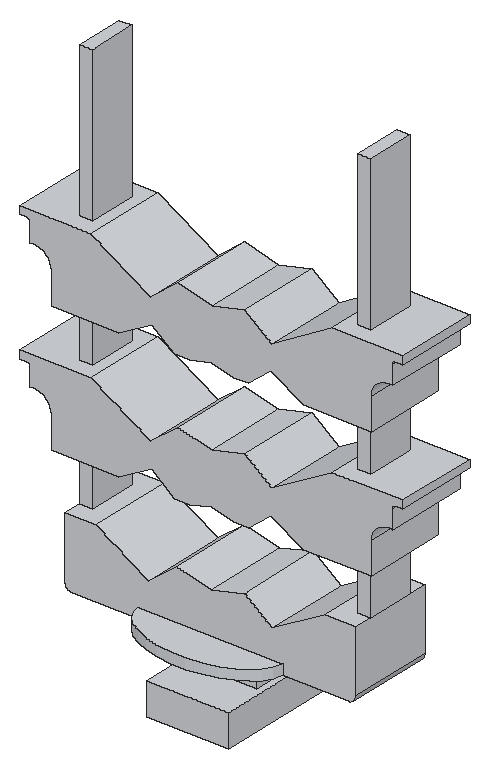
Revit family "550-2122", category Pipe Accessories, Revit 2017
Family settings
  Round Connector Dimension = Use Diameter
  Part Type = Normal
  Work Plane-Based = No
  Always vertical = Yes
  Cut with Voids When Loaded = No
  Shared = No
Parameters
  URL = "WWW.SIOUXCHIEF.COM"
  Spread Distance 2 [instance] = 0.500"
  Spread Distance [instance] = 0.500"
  Model = "550-2122"
  Manufacturer = "SIOUX CHIEF MANUFACTURING, INC."
  Description = "TD+ UNIVERSAL CLAMPS"
Reference planes (in)
  plane 1 "Center (Front/Back)": y = 0
  plane 2: z = 0
  plane 3 "Center (Left/Right)": x = 0
Forms (in)
  Extrusion 1, solid
    sketch origin (0, 0, 0) x (1, 0, 0) y (0, 1, 0)
      loop
        line (-1.4375, 0.24262) -> (-1.4375, -0.24262) -> (-1.3125, -0.24262) -> (-1.3125, 0.24262) -> (-1.4375, 0.24262)
    from 0.679 to 4.75
  Extrusion 2, solid
    sketch origin (0, 0, 0) x (-1, 0, 0) y (0, -1, 0)
      loop
        line (-1.4375, -0.24262) -> (-1.3125, -0.24262) -> (-1.3125, 0.24262) -> (-1.4375, 0.24262) -> (-1.4375, -0.24262)
    from 0.679 to 4.75
  Extrusion 3, solid
    sketch origin (0, 0.39993, 0) x (1, 0, 0) y (0, 0, 1)
      loop
        arc (1.365, 0) -> (1.4162, 0.0212) -> (1.4374, 0.0724) r 0.0724
        line (1.4374, 0.0724) -> (1.4374, 0.679) -> (1.1346, 0.679) -> (0.6041, 0.3762) -> (0.3361, 0.5915) -> (0, 0.50643) -> (-0.3361, 0.5915) -> (-0.6041, 0.3762) -> (-1.1346, 0.679) -> (-1.4374, 0.679) -> (-1.4374, 0.0724)
        arc (-1.4374, 0.0724) -> (-1.4162, 0.0212) -> (-1.365, 0) r 0.0724
        line (-1.365, 0) -> (1.365, 0)
    from -0.02514 to 0.825
  Extrusion 4, solid
    sketch origin (0, -0.25, 0) x (1, 0, 0) y (0, 1, 0)
      loop
        line (-0.341, 0.525) -> (-0.341, -0.025) -> (0.341, -0.025) -> (0.341, 0.525) -> (-0.341, 0.525)
    from 0 to -0.316
  Extrusion 5, solid
    sketch origin (-0.11988, -0.04826, -2.5) x (1, 0, 0) y (0, 1, 0)
      loop
        line (-0.28262, 0.75376) -> (-0.28262, -0.65724) -> (0.52238, -0.65724) -> (0.52238, 0.75376) -> (-0.28262, 0.75376)
    from 1.8653 to 2.184
  Extrusion 6, solid
    sketch origin (0, 0, 0) x (1, 0, 0) y (0, 1, 0)
      loop
        spline (-0.711, -0.42507) -> (-0.68677, -0.52806) -> (-0.61574, -0.62404) -> (-0.50275, -0.70645) -> (-0.3555, -0.76969) -> (-0.18402, -0.80944) -> (0, -0.823) -> (0.18402, -0.80944) -> (0.3555, -0.76969) -> (0.50275, -0.70645) -> (0.61574, -0.62404) -> (0.68677, -0.52806) -> (0.711, -0.42507)
        line (0.711, -0.42507) -> (-0.711, -0.42507)
    from 0 to 0.1
  Extrusion 7, solid
    sketch origin (0, 0, 0) x (1, 0, 0) y (0, 1, 0)
      loop
        line (-0.711, 0.42507) -> (0.711, 0.42507)
        spline (0.711, 0.42507) -> (0.68677, 0.52806) -> (0.61574, 0.62404) -> (0.50275, 0.70645) -> (0.3555, 0.76969) -> (0.18402, 0.80944) -> (0, 0.823) -> (-0.18402, 0.80944) -> (-0.3555, 0.76969) -> (-0.50275, 0.70645) -> (-0.61574, 0.62404) -> (-0.68677, 0.52806) -> (-0.711, 0.42507)
    from 0 to 0.1
  Extrusion 8, solid
    sketch origin (0, 0.25, -0.04989) x (1, 0, 0) y (0, 0, 1)
      loop
        line (-0.00363, 1.28449) -> (0.2179, 1.22889) -> (0.3651, 1.22889) -> (0.5873, 1.41219) -> (0.9151, 1.22889) -> (1.5817, 1.22889) -> (1.5817, 1.54282)
        arc (1.5817, 1.54282) -> (1.64704, 1.67873) -> (1.794, 1.71259) r 0.17403
        line (1.794, 1.71259) -> (1.794, 1.90206)
        arc (1.794, 1.90206) -> (1.80256, 1.92273) -> (1.82323, 1.93129) r 0.02923
        line (1.82323, 1.93129) -> (1.894, 1.93129) -> (1.894, 2.00699) -> (1.1924, 2.00699) -> (0.5952, 1.65979) -> (0.3319, 1.87079) -> (0, 1.78749) -> (-0.3319, 1.87079) -> (-0.5952, 1.65979) -> (-1.1924, 2.00699) -> (-1.894, 2.00699) -> (-1.894, 1.93129) -> (-1.82323, 1.93129)
        arc (-1.82323, 1.93129) -> (-1.80256, 1.92273) -> (-1.794, 1.90206) r 0.02923
        line (-1.794, 1.90206) -> (-1.794, 1.71259)
        arc (-1.794, 1.71259) -> (-1.64704, 1.67873) -> (-1.5817, 1.54282) r 0.17403
        line (-1.5817, 1.54282) -> (-1.5817, 1.22889) -> (-0.9151, 1.22889) -> (-0.5873, 1.41219) -> (-0.3651, 1.22889) -> (-0.2179, 1.22889) -> (0, 1.28357)
    from -0.1625 to 0.6625
  Extrusion 9, solid, not visible
    sketch origin (0, 0, 0) x (1, 0, 0) y (0, 1, 0)
      loop
        line (-1.4375, 0.24262) -> (-1.4375, -0.24262) -> (-1.3125, -0.24262) -> (-1.3125, 0.24262) -> (-1.4375, 0.24262)
    from 0.679 to 4.75
  Extrusion 10, solid, not visible
    sketch origin (0, 0, 0) x (-1, 0, 0) y (0, -1, 0)
      loop
        line (-1.4375, -0.24262) -> (-1.3125, -0.24262) -> (-1.3125, 0.24262) -> (-1.4375, 0.24262) -> (-1.4375, -0.24262)
    from 0.679 to 4.75
  Extrusion 11, solid, not visible
    sketch origin (0, 0.39993, 0) x (1, 0, 0) y (0, 0, 1)
      loop
        arc (1.365, 0) -> (1.4162, 0.0212) -> (1.4374, 0.0724) r 0.0724
        line (1.4374, 0.0724) -> (1.4374, 0.679) -> (1.1346, 0.679) -> (0.6041, 0.3762) -> (0.3361, 0.5915) -> (0, 0.50643) -> (-0.3361, 0.5915) -> (-0.6041, 0.3762) -> (-1.1346, 0.679) -> (-1.4374, 0.679) -> (-1.4374, 0.0724)
        arc (-1.4374, 0.0724) -> (-1.4162, 0.0212) -> (-1.365, 0) r 0.0724
        line (-1.365, 0) -> (1.365, 0)
    from -0.02514 to 0.825
  Extrusion 12, solid, not visible
    sketch origin (0, -0.25, 0) x (1, 0, 0) y (0, 1, 0)
      loop
        line (-0.341, 0.525) -> (-0.341, -0.025) -> (0.341, -0.025) -> (0.341, 0.525) -> (-0.341, 0.525)
    from 0 to -0.316
  Extrusion 13, solid, not visible
    sketch origin (-0.11988, -0.04826, -2.5) x (1, 0, 0) y (0, 1, 0)
      loop
        line (-0.28262, 0.75376) -> (-0.28262, -0.65724) -> (0.52238, -0.65724) -> (0.52238, 0.75376) -> (-0.28262, 0.75376)
    from 1.8653 to 2.184
  Extrusion 14, solid, not visible
    sketch origin (0, 0, 0) x (1, 0, 0) y (0, 1, 0)
      loop
        spline (-0.711, -0.42507) -> (-0.68677, -0.52806) -> (-0.61574, -0.62404) -> (-0.50275, -0.70645) -> (-0.3555, -0.76969) -> (-0.18402, -0.80944) -> (0, -0.823) -> (0.18402, -0.80944) -> (0.3555, -0.76969) -> (0.50275, -0.70645) -> (0.61574, -0.62404) -> (0.68677, -0.52806) -> (0.711, -0.42507)
        line (0.711, -0.42507) -> (-0.711, -0.42507)
    from 0 to 0.1
  Extrusion 15, solid, not visible
    sketch origin (0, 0, 0) x (1, 0, 0) y (0, 1, 0)
      loop
        line (-0.711, 0.42507) -> (0.711, 0.42507)
        spline (0.711, 0.42507) -> (0.68677, 0.52806) -> (0.61574, 0.62404) -> (0.50275, 0.70645) -> (0.3555, 0.76969) -> (0.18402, 0.80944) -> (0, 0.823) -> (-0.18402, 0.80944) -> (-0.3555, 0.76969) -> (-0.50275, 0.70645) -> (-0.61574, 0.62404) -> (-0.68677, 0.52806) -> (-0.711, 0.42507)
    from 0 to 0.1
  Extrusion 16, solid, not visible
    sketch origin (0, 0.25, 0) x (1, 0, 0) y (0, 0, 1)
      loop
        line (-0.00363, 1.28449) -> (0.2179, 1.22889) -> (0.3651, 1.22889) -> (0.5873, 1.41219) -> (0.9151, 1.22889) -> (1.5817, 1.22889) -> (1.5817, 1.54282)
        arc (1.5817, 1.54282) -> (1.64704, 1.67873) -> (1.794, 1.71259) r 0.17403
        line (1.794, 1.71259) -> (1.794, 1.90206)
        arc (1.794, 1.90206) -> (1.80256, 1.92273) -> (1.82323, 1.93129) r 0.02923
        line (1.82323, 1.93129) -> (1.894, 1.93129) -> (1.894, 2.00699) -> (1.1924, 2.00699) -> (0.5952, 1.65979) -> (0.3319, 1.87079) -> (0, 1.78749) -> (-0.3319, 1.87079) -> (-0.5952, 1.65979) -> (-1.1924, 2.00699) -> (-1.894, 2.00699) -> (-1.894, 1.93129) -> (-1.82323, 1.93129)
        arc (-1.82323, 1.93129) -> (-1.80256, 1.92273) -> (-1.794, 1.90206) r 0.02923
        line (-1.794, 1.90206) -> (-1.794, 1.71259)
        arc (-1.794, 1.71259) -> (-1.64704, 1.67873) -> (-1.5817, 1.54282) r 0.17403
        line (-1.5817, 1.54282) -> (-1.5817, 1.22889) -> (-0.9151, 1.22889) -> (-0.5873, 1.41219) -> (-0.3651, 1.22889) -> (-0.2179, 1.22889) -> (0, 1.28357)
    from -0.1625 to 0.6625
  Extrusion 17, solid
    sketch origin (0, 0.25, 1.22821) x (1, 0, 0) y (0, 0, 1)
      loop
        line (-0.00363, 1.28449) -> (0.2179, 1.22889) -> (0.3651, 1.22889) -> (0.5873, 1.41219) -> (0.9151, 1.22889) -> (1.5817, 1.22889) -> (1.5817, 1.54282)
        arc (1.5817, 1.54282) -> (1.64704, 1.67873) -> (1.794, 1.71259) r 0.17403
        line (1.794, 1.71259) -> (1.794, 1.90206)
        arc (1.794, 1.90206) -> (1.80256, 1.92273) -> (1.82323, 1.93129) r 0.02923
        line (1.82323, 1.93129) -> (1.894, 1.93129) -> (1.894, 2.00699) -> (1.1924, 2.00699) -> (0.5952, 1.65979) -> (0.3319, 1.87079) -> (0, 1.78749) -> (-0.3319, 1.87079) -> (-0.5952, 1.65979) -> (-1.1924, 2.00699) -> (-1.894, 2.00699) -> (-1.894, 1.93129) -> (-1.82323, 1.93129)
        arc (-1.82323, 1.93129) -> (-1.80256, 1.92273) -> (-1.794, 1.90206) r 0.02923
        line (-1.794, 1.90206) -> (-1.794, 1.71259)
        arc (-1.794, 1.71259) -> (-1.64704, 1.67873) -> (-1.5817, 1.54282) r 0.17403
        line (-1.5817, 1.54282) -> (-1.5817, 1.22889) -> (-0.9151, 1.22889) -> (-0.5873, 1.41219) -> (-0.3651, 1.22889) -> (-0.2179, 1.22889) -> (0, 1.28357)
    from -0.1625 to 0.6625
Dimensions and locks (in)
  locked: Extrusion 1 sketch curve to Extrusion 1 sketch curve at 0.48523
  locked: Extrusion 1 sketch curve to Extrusion 1 sketch curve at 0.125
  Extrusion 2 sketch curve to Extrusion 2 sketch curve = 0.48523"
  locked: Extrusion 2 sketch curve to Extrusion 2 sketch curve at 0.48523
  locked: Extrusion 2 sketch curve to Extrusion 2 sketch curve at 0.125
  equal spacing: Extrusion 3, plane 1 "Center (Front/Back)", Extrusion 3
  Extrusion 4 sketch curve to Extrusion 4 sketch curve = 0.550"
  Extrusion 4 sketch curve to Extrusion 4 sketch curve = 0.682"
  locked: Extrusion 4 sketch curve to Extrusion 4 sketch curve at 0.682
  locked: Extrusion 4 to Extrusion 4 at 0.55
  equal spacing: Extrusion 4, plane 1 "Center (Front/Back)", Extrusion 4
  locked: Extrusion 1 to level at 4.75
  locked: Extrusion 2 to level at 4.75
  locked: Extrusion 5 to Extrusion 5 at 0.805
  locked: Extrusion 5 to Extrusion 5 at 1.411
  equal spacing: Extrusion 5, plane 1 "Center (Front/Back)", Extrusion 5
  equal spacing: Extrusion 5, plane 3 "Center (Left/Right)", Extrusion 5
  locked: Extrusion 5 to Extrusion 5 at 0.3187
  locked: Extrusion 6 to Extrusion 6 at 0.1
  locked: Extrusion 7 to Extrusion 7 at 0.1
  locked: Extrusion 8 to Extrusion 8 at 0.825
  equal spacing: Extrusion 8, plane 1 "Center (Front/Back)", Extrusion 8
  locked: Extrusion 9 sketch curve to Extrusion 9 sketch curve at 0.48523
  locked: Extrusion 9 sketch curve to Extrusion 9 sketch curve at 0.125
  Extrusion 10 sketch curve to Extrusion 10 sketch curve = 0.48523"
  locked: Extrusion 10 sketch curve to Extrusion 10 sketch curve at 0.48523
  locked: Extrusion 10 sketch curve to Extrusion 10 sketch curve at 0.125
  Extrusion 12 sketch curve to Extrusion 12 sketch curve = 0.550"
  Extrusion 12 sketch curve to Extrusion 12 sketch curve = 0.682"
  locked: Extrusion 12 sketch curve to Extrusion 12 sketch curve at 0.682
  "Spread Distance": Extrusion 8 to Extrusion 3
  locked: Extrusion 17 to Extrusion 17 at 0.825
  Extrusion 17 to Extrusion 17 = 0.825"
  "Spread Distance 2": Extrusion 17 to Extrusion 8
  aligned and locked: plane 2 to level
  aligned and locked: Extrusion 1 to Extrusion 3
  aligned and locked: Extrusion 2 to Extrusion 3
  aligned and locked: Extrusion 5 to Extrusion 4
  aligned and locked: Extrusion 6 to level
  aligned and locked: Extrusion 7 to level
Automatic sketch dimensions
  Extrusion 3 sketch curve to Extrusion 3 sketch curve = 0.268"  (x2)
  Extrusion 3 sketch curve to Extrusion 3 sketch curve = 0.5305"  (x2)
  Extrusion 3 sketch curve to Extrusion 3 sketch curve = 0.2304"  (x2)
  Extrusion 3 sketch curve to Extrusion 3 sketch curve = 0.2153"  (x2)
  Extrusion 3 sketch curve to Extrusion 3 sketch curve = 0.3028"  (x2)
  Extrusion 8 sketch curve to Extrusion 8 sketch curve = 0.1472"  (x2)
  Extrusion 8 sketch curve to Extrusion 8 sketch curve = 0.2222"  (x2)
  Extrusion 8 sketch curve to Extrusion 8 sketch curve = 0.0079"  (x2)
  Extrusion 8 sketch curve to Extrusion 8 sketch curve = 0.3278"  (x2)
  Extrusion 8 sketch curve to Extrusion 8 sketch curve = 0.5972"  (x2)
  Extrusion 8 sketch curve to Extrusion 8 sketch curve = 0.6666"  (x2)
  Extrusion 8 sketch curve to Extrusion 8 sketch curve = 0.17403"  (x2)
  Extrusion 8 sketch curve to Extrusion 8 sketch curve = 0.03827"  (x2)
  Extrusion 8 sketch curve to Extrusion 8 sketch curve = 0.02923"  (x2)
  Extrusion 8 sketch curve to Extrusion 8 sketch curve = 0.07077"  (x2)
  Extrusion 8 sketch curve to Extrusion 8 sketch curve = 0.000"  (x3)
  Extrusion 8 sketch curve to Extrusion 8 sketch curve = 0.1833"  (x2)
  Extrusion 8 sketch curve to Extrusion 8 sketch curve = 0.31393"  (x2)
  Extrusion 8 sketch curve to Extrusion 8 sketch curve = 0.2476"  (x2)
  Extrusion 8 sketch curve to Extrusion 8 sketch curve = 0.5586"
  Extrusion 8 sketch curve to Extrusion 8 sketch curve = 0.211"  (x2)
  Extrusion 8 sketch curve to Extrusion 8 sketch curve = 0.18947"  (x2)
  Extrusion 8 sketch curve to Extrusion 8 sketch curve = 0.46417"  (x2)
  Extrusion 8 sketch curve to Extrusion 8 sketch curve = 0.05469"
  Extrusion 3 sketch curve to Extrusion 3 sketch curve = 0.0724"  (x2)
  Extrusion 3 sketch curve to Extrusion 3 sketch curve = 0.3361"  (x2)
  Extrusion 3 sketch curve to Extrusion 3 sketch curve = 0.3038"  (x2)
  Extrusion 3 sketch curve to Extrusion 3 sketch curve = 0.08507"
  Extrusion 4 sketch curve to Extrusion 4 sketch curve = 0.550"
  Extrusion 5 sketch curve to Extrusion 5 sketch curve = 0.805"
  Extrusion 5 sketch curve to Extrusion 5 sketch curve = 1.411"
  Extrusion 6 sketch curve to Extrusion 6 sketch curve = 1.422"
  Extrusion 7 sketch curve to Extrusion 7 sketch curve = 1.422"
  Extrusion 11 sketch curve to Extrusion 11 sketch curve = 0.268"  (x2)
  Extrusion 11 sketch curve to Extrusion 11 sketch curve = 0.5305"  (x2)
  Extrusion 11 sketch curve to Extrusion 11 sketch curve = 0.2304"  (x2)
  Extrusion 11 sketch curve to Extrusion 11 sketch curve = 0.2153"  (x2)
  Extrusion 11 sketch curve to Extrusion 11 sketch curve = 0.3028"  (x2)
  Extrusion 11 sketch curve to Extrusion 11 sketch curve = 0.0724"  (x2)
  Extrusion 11 sketch curve to Extrusion 11 sketch curve = 0.3361"  (x2)
  Extrusion 11 sketch curve to Extrusion 11 sketch curve = 0.3038"  (x2)
  Extrusion 11 sketch curve to Extrusion 11 sketch curve = 0.08507"
  Extrusion 12 sketch curve to Extrusion 12 sketch curve = 0.550"
  Extrusion 13 sketch curve to Extrusion 13 sketch curve = 0.805"
  Extrusion 13 sketch curve to Extrusion 13 sketch curve = 1.411"
  Extrusion 14 sketch curve to Extrusion 14 sketch curve = 1.422"
  Extrusion 15 sketch curve to Extrusion 15 sketch curve = 1.422"
  Extrusion 8 sketch curve to Extrusion 8 sketch curve = 0.2633"  (x2)
  Extrusion 8 sketch curve to Extrusion 8 sketch curve = 0.3319"
  Extrusion 8 sketch curve to Extrusion 8 sketch curve = 0.4358"
  Extrusion 8 sketch curve to Extrusion 8 sketch curve = 0.21427"
  Extrusion 8 sketch curve to Extrusion 8 sketch curve = 0.00363"
  Extrusion 16 sketch curve to Extrusion 16 sketch curve = 0.1472"  (x2)
  Extrusion 16 sketch curve to Extrusion 16 sketch curve = 0.2222"  (x2)
  Extrusion 16 sketch curve to Extrusion 16 sketch curve = 0.0079"  (x2)
  Extrusion 16 sketch curve to Extrusion 16 sketch curve = 0.3278"  (x2)
  Extrusion 16 sketch curve to Extrusion 16 sketch curve = 0.5972"  (x2)
  Extrusion 16 sketch curve to Extrusion 16 sketch curve = 0.6666"  (x2)
  Extrusion 16 sketch curve to Extrusion 16 sketch curve = 0.17403"  (x2)
  Extrusion 16 sketch curve to Extrusion 16 sketch curve = 0.03827"  (x2)
  Extrusion 16 sketch curve to Extrusion 16 sketch curve = 0.02923"  (x2)
  Extrusion 16 sketch curve to Extrusion 16 sketch curve = 0.07077"  (x2)
  Extrusion 16 sketch curve to Extrusion 16 sketch curve = 0.000"  (x3)
  Extrusion 16 sketch curve to Extrusion 16 sketch curve = 0.1833"  (x2)
  Extrusion 16 sketch curve to Extrusion 16 sketch curve = 0.31393"  (x2)
  Extrusion 16 sketch curve to Extrusion 16 sketch curve = 0.2476"  (x2)
  Extrusion 16 sketch curve to Extrusion 16 sketch curve = 0.5586"
  Extrusion 16 sketch curve to Extrusion 16 sketch curve = 0.211"  (x2)
  Extrusion 16 sketch curve to Extrusion 16 sketch curve = 0.18947"  (x2)
  Extrusion 16 sketch curve to Extrusion 16 sketch curve = 0.46417"  (x2)
  Extrusion 16 sketch curve to Extrusion 16 sketch curve = 0.05469"
  Extrusion 16 sketch curve to Extrusion 16 sketch curve = 0.2633"  (x2)
  Extrusion 16 sketch curve to Extrusion 16 sketch curve = 0.3319"
  Extrusion 16 sketch curve to Extrusion 16 sketch curve = 0.4358"
  Extrusion 16 sketch curve to Extrusion 16 sketch curve = 0.21427"
  Extrusion 16 sketch curve to Extrusion 16 sketch curve = 0.00363"
  Extrusion 17 sketch curve to Extrusion 17 sketch curve = 0.1472"  (x2)
  Extrusion 17 sketch curve to Extrusion 17 sketch curve = 0.2222"  (x2)
  Extrusion 17 sketch curve to Extrusion 17 sketch curve = 0.0079"  (x2)
  Extrusion 17 sketch curve to Extrusion 17 sketch curve = 0.3278"  (x2)
  Extrusion 17 sketch curve to Extrusion 17 sketch curve = 0.5972"  (x2)
  Extrusion 17 sketch curve to Extrusion 17 sketch curve = 0.6666"  (x2)
  Extrusion 17 sketch curve to Extrusion 17 sketch curve = 0.17403"  (x2)
  Extrusion 17 sketch curve to Extrusion 17 sketch curve = 0.03827"  (x2)
  Extrusion 17 sketch curve to Extrusion 17 sketch curve = 0.02923"  (x2)
  Extrusion 17 sketch curve to Extrusion 17 sketch curve = 0.07077"  (x2)
  Extrusion 17 sketch curve to Extrusion 17 sketch curve = 0.000"  (x3)
  Extrusion 17 sketch curve to Extrusion 17 sketch curve = 0.1833"  (x2)
  Extrusion 17 sketch curve to Extrusion 17 sketch curve = 0.31393"  (x2)
  Extrusion 17 sketch curve to Extrusion 17 sketch curve = 0.2476"  (x2)
  Extrusion 17 sketch curve to Extrusion 17 sketch curve = 0.5586"
  Extrusion 17 sketch curve to Extrusion 17 sketch curve = 0.211"  (x2)
  Extrusion 17 sketch curve to Extrusion 17 sketch curve = 0.18947"  (x2)
  Extrusion 17 sketch curve to Extrusion 17 sketch curve = 0.46417"  (x2)
  Extrusion 17 sketch curve to Extrusion 17 sketch curve = 0.05469"
  Extrusion 17 sketch curve to Extrusion 17 sketch curve = 0.2633"  (x2)
  Extrusion 17 sketch curve to Extrusion 17 sketch curve = 0.3319"
  Extrusion 17 sketch curve to Extrusion 17 sketch curve = 0.4358"
  Extrusion 17 sketch curve to Extrusion 17 sketch curve = 0.21427"
  Extrusion 17 sketch curve to Extrusion 17 sketch curve = 0.00363"
